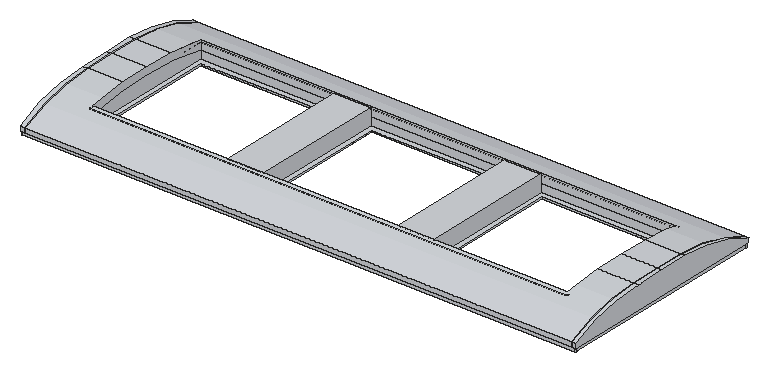
Revit family "Gira_021350", category Electrical Fixtures, host Face, Revit 2017
Family settings
  Host = Face
  Maintain Annotation Orientation = No
  Round Connector Dimension = Use Diameter
  Part Type = Normal
  Cut with Voids When Loaded = No
  Shared = No
  Room Calculation Point = No
Parameters (values of type "Abdeckrahmen 3f Zwischenr. F Alu Gira Event Opak Weiß")
  Werkstoffgüte = "Thermoplast"
  Werkstoff = "Kunststoff"
  URL = "http://katalog.gira.de/de_DE/datenblatt.html?artikelnr=021350"
  Transparent = "No"
  Textfeld/Beschriftungsfläche = "No"
  Schutzart (IP) = "IP20"
  Region = "DE"
  Oberfläche = "sonstige"
  Name = "Abdeckrahmen 3f Zwischenr. F Alu Gira Event Opak Weiß"
  Montagerichtung = "horizontal und vertikal"
  Mit Montagerahmen = "No"
  Mit Klappdeckel = "No"
  Manufacturer URL = "https://www.gira.de/"
  Keynote = "Event_Rahmen_3fach"
  HeinzeBIM = "https://bimportal.heinze.de/bim/abdeckrahmen-3f-zwischenr-f-alu-gira-event-opak-weiss/86f734bcdd5c1bf12f14295ee4dc9481994c7004"
  Halogenfrei = "Yes"
  HAN = "021350"
  Geeignet für Unterputz-Installation = "Yes"
  Geeignet für Unterflurkanaldose = "No"
  Geeignet für Geräteeinbaukanal = "No"
  Geeignet für Einbauinstallation = "No"
  GTIN = "4010337213505"
  Farbe = "weiß"
  Default Elevation = 1219.2 mm
  Data sheet (1) = "https://katalog.gira.de/de_DE/download.html?artikelnr=021350"
  Category = "Abdeckrahmen"
  Befestigungsart = "Klemmbefestigung"
  Available = "Yes"
  Anzahl der Einheiten vertikal = "3 "
  Anzahl der Einheiten horizontal = "3 "
  Anzahl der Einheiten = "3 "
Reference planes
  plane 1 "Center (Front/Back)": y = 0
  plane 2: z = 0
  plane 3 "Center (Left/Right)": x = 0
Forms (mm)
  Extrusion 1, solid, detail levels fine
    sketch origin (0, 0, 0.05) x (0, 1, 0) y (0, 0, 1)
      loop
        arc (12.445, 9.683) -> (6.223, 9.833) -> (0, 9.85) r 291.636
        arc (0, 9.85) -> (-6.223, 9.833) -> (-12.445, 9.683) r 291.636
        arc (-12.445, 9.683) -> (-29.14, 7.482) -> (-45, 1.823) r 79.728
        line (-45, 1.823) -> (-45, -0.05) -> (-42.086, -0.05)
        arc (-42.086, -0.05) -> (-21.385, 5.559) -> (0, 7.206) r 114.424
        arc (0, 7.206) -> (21.385, 5.559) -> (42.086, -0.05) r 114.424
        line (42.086, -0.05) -> (45, -0.05) -> (45, 1.823)
        arc (45, 1.823) -> (29.14, 7.482) -> (12.445, 9.683) r 79.728
    from -114.3 to 114.3
  Extrusion 2, void, detail levels fine
    sketch origin (0, 0, 0) x (1, 0, 0) y (0, 1, 0)
      loop
        line (-99.355, -28.053) -> (99.355, -28.053) -> (99.355, 28.053) -> (-99.355, 28.053) -> (-99.355, -28.053)
    from 0.724 to 11
  Extrusion 3, solid, detail levels coarse
    sketch origin (0, 0, 0) x (1, 0, 0) y (0, 1, 0)
      loop
        line (-116.3, 45) -> (-116.3, -45) -> (116.3, -45) -> (116.3, 45) -> (-116.3, 45)
    from -1.5 to 9.9
  Extrusion 4, solid, detail levels medium
    sketch origin (0, 0, 0.05) x (0, 1, 0) y (0, 0, 1)
      loop
        arc (12.445, 9.683) -> (6.223, 9.833) -> (0, 9.85) r 291.636
        arc (0, 9.85) -> (-6.223, 9.833) -> (-12.445, 9.683) r 291.636
        arc (-12.445, 9.683) -> (-29.14, 7.482) -> (-45, 1.823) r 79.728
        line (-45, 1.823) -> (-45, -0.05) -> (45, -0.05) -> (45, 1.823)
        arc (45, 1.823) -> (29.14, 7.482) -> (12.445, 9.683) r 79.728
    from -116.3 to 116.3
  Extrusion 5, solid, detail levels fine
    sketch origin (-71.3, 0, -1.5) x (0, 1, 0) y (0, 0, -1)
      loop
        line (45, -3.373) -> (45, -1.5) -> (-45, -1.5) -> (-45, -3.373)
        arc (-45, -3.373) -> (-29.14, -9.032) -> (-12.445, -11.233) r 79.728
        arc (-12.445, -11.233) -> (-6.223, -11.383) -> (0, -11.4) r 291.636
        arc (0, -11.4) -> (6.223, -11.383) -> (12.445, -11.233) r 291.636
        arc (12.445, -11.233) -> (29.14, -9.032) -> (45, -3.373) r 79.728
    from 43 to 45
  Extrusion 6, solid, detail levels fine
    sketch origin (0, 0, 0) x (1, 0, 0) y (0, 1, 0)
      loop
        line (-97.195, 25.7) -> (-97.195, -25.7) -> (-45.395, -25.7) -> (-45.395, 25.7) -> (-97.195, 25.7)
      loop
        line (25.9, -25.7) -> (25.9, 25.7) -> (-25.9, 25.7) -> (-25.9, -25.7) -> (25.9, -25.7)
      loop
        line (-100.19, 28.49) -> (-100.19, -28.495)
        spline (-100.19, -28.495) -> (-100.181, -28.625) -> (-100.156, -28.754) -> (-100.113, -28.878) -> (-100.056, -28.995) -> (-99.983, -29.104) -> (-99.897, -29.202) -> (-99.798, -29.288) -> (-99.69, -29.361) -> (-99.572, -29.419) -> (-99.448, -29.461) -> (-99.32, -29.486) -> (-99.19, -29.495)
        line (-99.19, -29.495) -> (99.195, -29.495)
        spline (99.195, -29.495) -> (99.325, -29.486) -> (99.454, -29.461) -> (99.578, -29.419) -> (99.695, -29.361) -> (99.804, -29.288) -> (99.902, -29.202) -> (99.988, -29.104) -> (100.061, -28.995) -> (100.119, -28.878) -> (100.161, -28.754) -> (100.186, -28.625) -> (100.195, -28.495)
        line (100.195, -28.495) -> (100.195, 28.49)
        spline (100.195, 28.49) -> (100.186, 28.62) -> (100.161, 28.748) -> (100.119, 28.872) -> (100.061, 28.99) -> (99.988, 29.098) -> (99.902, 29.197) -> (99.804, 29.283) -> (99.695, 29.356) -> (99.578, 29.413) -> (99.454, 29.456) -> (99.325, 29.481) -> (99.195, 29.49)
        line (99.195, 29.49) -> (-99.19, 29.49)
        spline (-99.19, 29.49) -> (-99.32, 29.481) -> (-99.448, 29.456) -> (-99.572, 29.413) -> (-99.69, 29.356) -> (-99.798, 29.283) -> (-99.897, 29.197) -> (-99.983, 29.098) -> (-100.056, 28.99) -> (-100.113, 28.872) -> (-100.156, 28.748) -> (-100.181, 28.62) -> (-100.19, 28.49)
      loop
        line (97.2, -25.7) -> (97.2, 25.7) -> (45.4, 25.7) -> (45.4, -25.7) -> (97.2, -25.7)
    from 0.1 to 7.3
  Extrusion 7, solid
    sketch origin (0, 0, 0) x (1, 0, 0) y (0, 1, 0)
      loop
        arc (-116, -44.2) -> (-115.854, -44.554) -> (-115.5, -44.7) r 0.5
        line (-115.5, -44.7) -> (115.5, -44.7)
        arc (115.5, -44.7) -> (115.854, -44.554) -> (116, -44.2) r 0.5
        line (116, -44.2) -> (116, 44.2)
        arc (116, 44.2) -> (115.854, 44.554) -> (115.5, 44.7) r 0.5
        line (115.5, 44.7) -> (-115.5, 44.7)
        arc (-115.5, 44.7) -> (-115.854, 44.554) -> (-116, 44.2) r 0.5
        line (-116, 44.2) -> (-116, -44.2)
      loop
        line (-114.3, 43) -> (-114.3, -43) -> (114.3, -43) -> (114.3, 43) -> (-114.3, 43)
    from -1.5 to 0.5
  Extrusion 8, solid, detail levels fine
    sketch origin (71.3, 0, -1.5) x (0, 1, 0) y (0, 0, 1)
      loop
        arc (45, 3.373) -> (29.14, 9.032) -> (12.445, 11.233) r 79.728
        arc (12.445, 11.233) -> (6.223, 11.383) -> (0, 11.4) r 291.636
        arc (0, 11.4) -> (-6.223, 11.383) -> (-12.445, 11.233) r 291.636
        arc (-12.445, 11.233) -> (-29.14, 9.032) -> (-45, 3.373) r 79.728
        line (-45, 3.373) -> (-45, 1.5) -> (45, 1.5) -> (45, 3.373)
    from 43 to 45
  Extrusion 9, solid, detail levels medium
    sketch origin (0, 0, 0) x (1, 0, 0) y (0, 1, 0)
      loop
        line (-116, -44.7) -> (116, -44.7) -> (116, 44.7) -> (-116, 44.7) -> (-116, -44.7)
    from -1.5 to 0.5
  Extrusion 10, solid, detail levels fine
    sketch origin (-34.207, 0, 0) x (1, 0, 0) y (0, 1, 0)
      loop
        line (-8.943, 28.063) -> (-8.943, -27.937) -> (6.057, -27.937) -> (6.057, 28.063) -> (-8.943, 28.063)
    from 0.724 to 7.566
  Extrusion 11, solid, detail levels fine
    sketch origin (34.207, 0, 0) x (-1, 0, 0) y (0, -1, 0)
      loop
        line (-8.943, -28.063) -> (6.057, -28.063) -> (6.057, 27.937) -> (-8.943, 27.937) -> (-8.943, -28.063)
    from 0.724 to 7.566
Cuts and joins
  Extrusion 2 cuts Extrusion 1
  Extrusion 2 cuts Extrusion 6
Dimensions and locks
  aligned and locked: plane 2 to host face
  aligned and locked: level to host face
